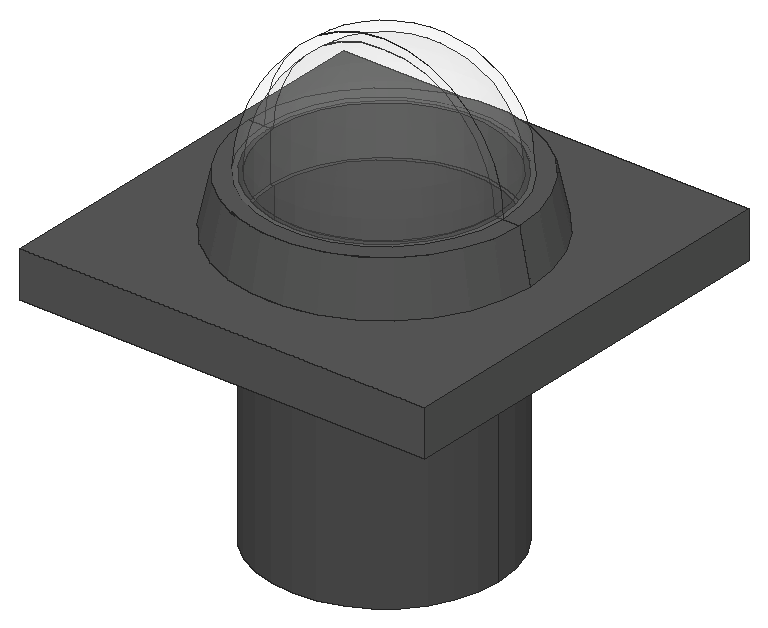
Revit family
Parameters (values of type "Skydome, 240mm internal")
  Type Comments = "Roof Skydome only, use Skydome Diffuser for interior ceiling"
  Model = "Ducted Skylight"
  Internal Diameter = 240 mm
Types (3, lengths in mm): name | Internal Diameter
  (no name) | 240
  Skydome, 240mm internal | 240
  Skydome, 350mm internal | 350
Reference planes
  plane 1 "Center (Front/Back)": y = 0
  plane 2 "Roof": z = 3657.6
  plane 3 "Center (Left/Right)": x = -17.239
  plane 4: z = 3957.6
  plane 5: x = -137.239
  plane 6: x = 102.761
  plane 7: x = -137.239
  plane 8: x = 102.761
  plane 9: y = 120
  plane 10: y = -120
Forms (mm)
  Revolve 1, void
    sketch origin (0, 0, 0) x (1, 0, 0) y (0, 0, 1)
      loop
        line (-187.239, 3907.6) -> (-187.239, 3657.6) -> (-17.239, 3657.6) -> (-17.239, 3907.6) -> (-187.239, 3907.6)
      axis (-17.239, 3907.6) -> (-17.239, 3657.6)
    angle from 0 to 360
  Revolve 2, solid, material "Skydome Mirror"
    sketch origin (0, 0, 0) x (1, 0, 0) y (0, 0, 1)
      loop
        line (-137.239, 3657.6) -> (-137.239, 3957.6) -> (-142.239, 3957.6) -> (-142.239, 3657.6) -> (-137.239, 3657.6)
      axis (-17.239, 3957.6) -> (-17.239, 3657.6)
    angle from 0 to 360
  Revolve 3, solid, material "Skydome Flashing"
    sketch origin (0, 0, 0) x (1, 0, 0) y (0, 0, 1)
      loop
        line (-142.239, 3907.6) -> (-142.239, 4012.6) -> (-164.739, 4012.6) -> (-187.239, 3907.6) -> (-142.239, 3907.6)
      axis (-17.239, 4012.6) -> (-17.239, 3907.6)
    angle from 0 to 360
  Revolve 4, solid, material "Skydome Acrylic"
    sketch origin (0, 0, 0) x (1, 0, 0) y (0, 0, 1)
      loop
        arc (-137.239, 4012.6) -> (-102.092, 4097.453) -> (-17.239, 4132.6) r 120
        line (-17.239, 4132.6) -> (-17.239, 4142.6)
        arc (-17.239, 4142.6) -> (-109.163, 4104.524) -> (-147.239, 4012.6) r 130
        line (-147.239, 4012.6) -> (-137.239, 4012.6)
      axis (-17.239, 4142.6) -> (-17.239, 4012.6)
    angle from 0 to 360
  Extrusion 5, solid, material "Skydome Flashing"
    sketch origin (0, 0, 3657.6) x (1, 0, 0) y (0, 1, 0)
      loop
        line (-237.239, 220) -> (-237.239, -220) -> (202.761, -220) -> (202.761, 220) -> (-237.239, 220)
      loop
        circle (-17.239, 0) r 130
    from 250 to 300
Cuts and joins
  joined: Revolve 3, Extrusion 5
Lines and regions (mm)
  sketch lines
    curve 1: line (-1524, 1524, 0) -> (1489.522, 1524, 0)
    curve 2: line (-1524, 1524, 0) -> (-1524, -1524, 0)
    curve 3: line (-1524, -1524, 0) -> (1489.522, -1524, 0)
    curve 4: line (1489.522, 1524, 0) -> (1489.522, -1524, 0)
Dimensions and locks
  equal spacing: curve 2, plane 3 "Center (Left/Right)", curve 4
  equal spacing: curve 3, plane 1 "Center (Front/Back)", curve 1
  host roof to plane 4 = 50 mm
  locked: Revolve 1 sketch curve to plane 5 at 50
  equal spacing: plane 5, plane 3 "Center (Left/Right)", plane 6
  "Internal Diameter": plane 5 to plane 6
  equal spacing: plane 8, plane 3 "Center (Left/Right)", plane 7
  "Internal Diameter": plane 8 to plane 7
  locked: plane 7 to Revolve 2 sketch curve at 5
  locked: Revolve 3 sketch curve to plane 7 at 5
  locked: Revolve 3 sketch curve to Revolve 3 sketch curve at 22.5
  locked: Revolve 3 sketch curve to host roof at 105
  equal spacing: plane 10, plane 1 "Center (Front/Back)", plane 9
  "Internal Diameter": plane 10 to plane 9
  Extrusion 5 sketch curve to plane 7 = 100 mm
  plane 8 to Extrusion 5 sketch curve = 100 mm
  plane 10 to Extrusion 5 sketch curve = 100 mm
  plane 9 to Extrusion 5 sketch curve = 100 mm
  aligned and locked: level to plane 2 "Roof"
  aligned and locked: Revolve 1 sketch curve to plane 3 "Center (Left/Right)"  (x2)
  aligned and locked: plane 7 to Revolve 2 sketch curve
  aligned and locked: plane 2 "Roof" to Revolve 2 sketch curve
  aligned and locked: plane 4 to Revolve 2 sketch curve
  aligned and locked: Revolve 2 sketch curve to plane 3 "Center (Left/Right)"
  aligned and locked: host roof to Revolve 3 sketch curve
  aligned and locked: Revolve 3 sketch curve to plane 3 "Center (Left/Right)"
  aligned and locked: plane 3 "Center (Left/Right)" to Revolve 4 sketch curve
  aligned and locked: Revolve 4 sketch curve to Revolve 3
  aligned and locked: Revolve 4 sketch curve to plane 3 "Center (Left/Right)"
  aligned and locked: Extrusion 5 to plane 4
  aligned and locked: Extrusion 5 to host roof
  aligned and locked: Extrusion 5 sketch curve to Revolve 4
Automatic sketch dimensions
  Revolve 1 sketch curve to plane 2 "Roof" = 0 mm
  Revolve 1 sketch curve to level = 320.938 mm
  plane 4 to Revolve 1 sketch curve = 80 mm
  plane 4 to Revolve 1 sketch curve = 50 mm
  Revolve 2 sketch curve to level = 304.8 mm
  plane 4 to Revolve 2 sketch curve = 63.862 mm
  Revolve 3 sketch curve to plane 7 = 50 mm
  plane 4 to Revolve 3 sketch curve = 63.862 mm
  Revolve 3 sketch curve to level = 304.8 mm
  Revolve 4 sketch curve to plane 7 = 0 mm
  Revolve 4 sketch curve to Revolve 4 sketch curve = 10 mm
  plane 4 to Revolve 4 sketch curve = 63.862 mm
  Revolve 4 sketch curve to level = 304.8 mm
